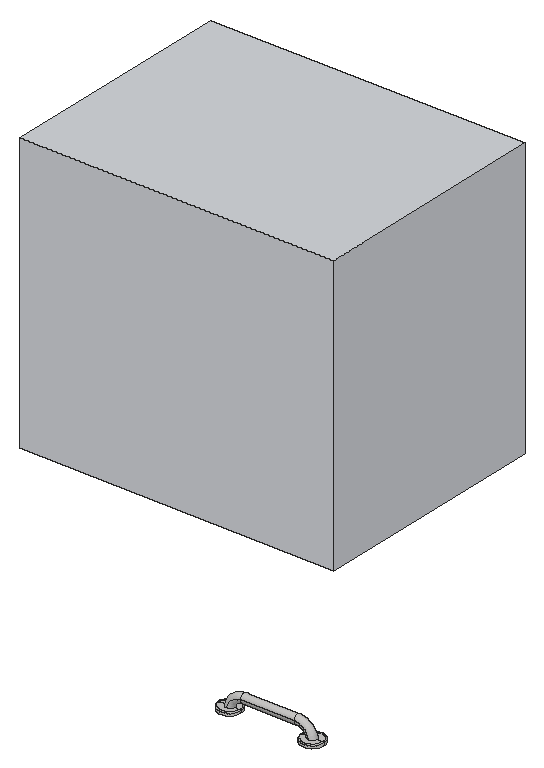
Revit family
Parameters
  Body Material = Metal - Stainless Steel w/Satin
  Warranty Duration (Years) = 0
  URL = "http://www.americanspecialties.com/viewCategories.cfm"
  Grab Bar Length [instance] = 1' - 0"
  Trim Material = Metal - Stainless Steel w/Satin
  Test Data = ""
  Specification = "http://www.arcat.com/sdspecs/htm/10810asi.htm"
  SpecWizard = ""
  Send Message = "http://www.arcat.com/users.pl?action=UserEmail&company=American%20Specialties,%20Inc.&coid=30448&rep=139&fax=914-476-0688&mf="
  Sales Information = "http://www.americanspecialties.com/contact"
  Revision = "R1_10-2010"
  Product Properties = "http://www.americanspecialties.com/datasheets/37001.pdf"
  Product Data = "http://www.arcat.com/arcatcos/cos30/arc30448.html"
  Model = "As Specified in 10 28 13"
  Manufacturer Website = "http://www.americanspecialties.com/viewCategories.cfm"
  Manufacturer Phone - Toll Free = ""
  Manufacturer Phone = "914-476-9000 "
  Manufacturer Fax = "914-476-0688"
  Manufacturer Address = "441 Saw Mill River Rd., Yonkers, NY 10701"
  Manufacturer = "American Specialties, Inc."
  Maintenance Schedule (Months) = 0
  Keynote = "10 28 13"
  Installation-Fabrication = "http://www.americanspecialties.com/products.cfm"
  Green Building-LEED = ""
  Expected Lifespan (Years) = 0
  Drawn By = "Robert S. Weygant. CSI, CDT, SCIP"  # constant formula
  Description = "Toilet Accessory as Specified in 10 28 13"
  Default Elevation = 4' - 0"
  Copyright = "©Arcat Inc."
  Construction Details = "http://www.arcat.com/green/clients/leed_data_30448.html"
  Building Codes = "http://www.americanspecialties.com/products.cfm"
  Assembly Code = "C1030210"
Reference planes (in)
  plane 1 "Center (Front/Back)": y = -0.29112
  plane 2 "Floor Line": z = 0
  plane 3 "Center (Left/Right)": x = -0.65843
  plane 4: x = -6.65843
  plane 5: x = 5.34157
Forms (in)
  Extrusion 1, solid
    sketch origin (-3.65843, -8.79112, -6) x (0, 0, -1) y (1, 0, 0)
      loop
        line (-82, 26) -> (-82, -19.34712) -> (-41.75861, -19.34712) -> (-41.75861, 26) -> (-82, 26)
    from 9 to -25.60721
  Sweep 2, solid, material "Metal - Stainless Steel w/Satin" <- "Body Material"
    path origin (0, -0.29112, 0) x (1, 0, 0) y (0, 0, 1)
      loop
        arc (-6.65843, -0.00027) -> (-6.03596, 1.50252) -> (-4.53316, 2.125) r 2.12527
        line (-4.53316, 2.125) -> (3.2163, 2.125)
        arc (3.2163, 2.125) -> (4.71909, 1.50252) -> (5.34157, -0.00027) r 2.12527
    profile origin (-0.65843, -0.29112, 2.125) x (0, 0, 1) y (0, -1, 0)
      loop
        circle (0, 0) r 0.625
  Revolve 3, solid, material "Metal - Stainless Steel w/Satin" <- "Body Material"
    sketch origin (-1.31687, -0.29112, 0) x (-1, 0, 0) y (0, 0, 1)
      loop
        line (-6.65843, 0.47413) -> (-5.15377, 0.40574)
        arc (-5.15377, 0.40574) -> (-5.09054, 0.37698) -> (-5.06468, 0.31251) r 0.09333
        line (-5.06468, 0.31251) -> (-5.06468, 0) -> (-5.03343, 0) -> (-5.03343, 0.31251)
        arc (-5.03343, 0.31251) -> (-5.06794, 0.39857) -> (-5.15235, 0.43695) r 0.12458
        line (-5.15235, 0.43695) -> (-6.65843, 0.50541) -> (-6.65843, 0.47413)
      axis (-6.65843, 0.50541) -> (-6.65843, 0)
    angle from 0 to 360
  Extrusion 4, solid
    sketch origin (0, 0, 0) x (1, 0, 0) y (0, 1, 0)
      loop
        arc (5.21788, 1.26648) -> (3.9884, 0.49013) -> (3.9308, -0.9628) r 1.5625
        arc (3.9308, -0.9628) -> (3.96026, -1.08861) -> (4.05449, -1.17703) r 0.22325
        arc (4.05449, -1.17703) -> (5.34157, -1.85362) -> (6.62864, -1.17703) r 1.5625
        arc (6.62864, -1.17703) -> (6.72287, -1.08861) -> (6.75233, -0.9628) r 0.22325
        arc (6.75233, -0.9628) -> (6.69473, 0.49013) -> (5.46525, 1.26648) r 1.5625
        arc (5.46525, 1.26648) -> (5.34157, 1.30387) -> (5.21788, 1.26648) r 0.22325
      loop
        circle (6.35704, -0.29112) r 0.1875
      loop
        circle (4.32609, -0.29112) r 0.1875
      loop
        circle (5.34157, -0.29112) r 0.625
    from 0 to 0.125
  Revolve 5, solid, material "Metal - Stainless Steel w/Satin" <- "Body Material"
    sketch origin (0, -0.29112, 0) x (1, 0, 0) y (0, 0, 1)
      loop
        line (-6.65843, 0.47413) -> (-5.15377, 0.40574)
        arc (-5.15377, 0.40574) -> (-5.09054, 0.37698) -> (-5.06468, 0.31251) r 0.09333
        line (-5.06468, 0.31251) -> (-5.06468, 0) -> (-5.03343, 0) -> (-5.03343, 0.31251)
        arc (-5.03343, 0.31251) -> (-5.06794, 0.39857) -> (-5.15235, 0.43695) r 0.12458
        line (-5.15235, 0.43695) -> (-6.65843, 0.50541) -> (-6.65843, 0.47413)
      axis (-6.65843, 0.50541) -> (-6.65843, 0)
    angle from 0 to 360
  Extrusion 6, solid
    sketch origin (-1.31687, 0, 0) x (-1, 0, 0) y (0, -1, 0)
      loop
        arc (5.21788, -1.26648) -> (5.34157, -1.30387) -> (5.46525, -1.26648) r 0.22325
        arc (5.46525, -1.26648) -> (6.69473, -0.49013) -> (6.75233, 0.9628) r 1.5625
        arc (6.75233, 0.9628) -> (6.72287, 1.08861) -> (6.62864, 1.17703) r 0.22325
        arc (6.62864, 1.17703) -> (5.34157, 1.85362) -> (4.05449, 1.17703) r 1.5625
        arc (4.05449, 1.17703) -> (3.96026, 1.08861) -> (3.9308, 0.9628) r 0.22325
        arc (3.9308, 0.9628) -> (3.9884, -0.49013) -> (5.21788, -1.26648) r 1.5625
      loop
        circle (6.35704, 0.29112) r 0.1875
      loop
        circle (4.32609, 0.29112) r 0.1875
      loop
        circle (5.34157, 0.29112) r 0.625
    from 0 to 0.125
Dimensions and locks (in)
  equal spacing: plane 4, plane 3 "Center (Left/Right)", plane 5
  "Grab Bar Length": plane 4 to plane 5
  aligned and locked: Revolve 3 sketch curve to plane 5
Automatic sketch dimensions
  Extrusion 1 sketch curve to Extrusion 1 sketch curve = 3' - 4.24139"
  Extrusion 1 sketch curve to Extrusion 1 sketch curve = 3' - 9.34712"
  Sweep 2 sketch curve to plane 4 = 0' - 0"
  Sweep 2 sketch curve to plane 5 = 0' - 0"
  Sweep 2 sketch curve to level = 0' - 0.00027"  (x2)
  Sweep 2 sketch curve to Sweep 2 sketch curve = 0' - 2.12527"
  Sweep 2 sketch curve to plane 1 "Center (Front/Back)" = 0' - 0"
  Sweep 2 sketch curve to profile plane = 0' - 0"
  Revolve 3 sketch curve to Revolve 3 sketch curve = 0' - 0"  (x2)
  Revolve 3 sketch curve to plane 5 = 0' - 0"
  Revolve 3 sketch curve to level = 0' - 0"
  Revolve 3 sketch curve to level = 0' - 0 5/16"
  plane 5 to Revolve 3 sketch curve = 0' - 1.50042"
  Revolve 3 sketch curve to Revolve 3 sketch curve = 0' - 0.00424"
  Revolve 3 sketch curve to Revolve 3 sketch curve = 0' - 0.00142"
  Revolve 3 sketch curve to Revolve 3 sketch curve = 0' - 0.09333"
  Revolve 3 sketch curve to Revolve 3 sketch curve = 0' - 0 1/32"
  level to Revolve 3 sketch curve = 1' - 0"
  Revolve 3 sketch curve to level = 0' - 0.47413"
  Revolve 3 sketch curve to Revolve 3 sketch curve = 0' - 0.03128"
  Revolve 3 sketch curve to Revolve 3 sketch curve = 7' - 11.49459"
  Extrusion 4 sketch curve to Extrusion 4 sketch curve = 0' - 0"  (x12)
  Extrusion 4 sketch curve to plane 1 "Center (Front/Back)" = 0' - 0"  (x3)
  Extrusion 4 sketch curve to plane 5 = 0' - 0"  (x2)
  Extrusion 4 sketch curve to plane 5 = 0' - 0.12369"
  Extrusion 4 sketch curve to Extrusion 4 sketch curve = 0' - 1.01548"
  Extrusion 4 sketch curve to Extrusion 4 sketch curve = 0' - 0.17249"  (x2)
  Extrusion 4 sketch curve to Extrusion 4 sketch curve = 0' - 0.09911"  (x2)
  Extrusion 4 sketch curve to Extrusion 4 sketch curve = 0' - 0.2228"  (x2)
  plane 5 to Extrusion 4 sketch curve = 0' - 0.12369"
  plane 5 to Extrusion 4 sketch curve = 0' - 1.01548"
  plane 1 "Center (Front/Back)" to Extrusion 4 sketch curve = 0' - 0.67168"
  Extrusion 4 sketch curve to Extrusion 4 sketch curve = 0' - 0.01419"
  Extrusion 4 sketch curve to Extrusion 4 sketch curve = 0' - 0.18585"
  Revolve 5 sketch curve to Revolve 5 sketch curve = 0' - 0"  (x2)
  Revolve 5 sketch curve to plane 4 = 0' - 0"  (x2)
  Revolve 5 sketch curve to level = 0' - 0"
  level to Revolve 5 sketch curve = 0' - 0 5/16"
  plane 4 to Revolve 5 sketch curve = 0' - 1.50042"
  Revolve 5 sketch curve to Revolve 5 sketch curve = 0' - 0.00424"
  Revolve 5 sketch curve to Revolve 5 sketch curve = 0' - 0.00142"
  Revolve 5 sketch curve to Revolve 5 sketch curve = 0' - 0.09333"
  Revolve 5 sketch curve to Revolve 5 sketch curve = 0' - 0 1/32"
  Revolve 5 sketch curve to level = 1' - 0"
  level to Revolve 5 sketch curve = 0' - 0.47413"
  Revolve 5 sketch curve to Revolve 5 sketch curve = 0' - 0.03128"
  Revolve 5 sketch curve to Revolve 5 sketch curve = 7' - 11.49459"
  Extrusion 6 sketch curve to Extrusion 6 sketch curve = 0' - 0"  (x12)
  Extrusion 6 sketch curve to plane 1 "Center (Front/Back)" = 0' - 0"  (x3)
  Extrusion 6 sketch curve to plane 4 = 0' - 0"  (x2)
  Extrusion 6 sketch curve to plane 4 = 0' - 0.12369"
  Extrusion 6 sketch curve to Extrusion 6 sketch curve = 0' - 1.01548"
  Extrusion 6 sketch curve to Extrusion 6 sketch curve = 0' - 0.17249"  (x2)
  Extrusion 6 sketch curve to Extrusion 6 sketch curve = 0' - 0.09911"  (x2)
  Extrusion 6 sketch curve to Extrusion 6 sketch curve = 0' - 0.2228"  (x2)
  plane 4 to Extrusion 6 sketch curve = 0' - 0.12369"
  plane 4 to Extrusion 6 sketch curve = 0' - 1.01548"
  Extrusion 6 sketch curve to plane 1 "Center (Front/Back)" = 0' - 0.67168"
  Extrusion 6 sketch curve to Extrusion 6 sketch curve = 0' - 0.01419"
  Extrusion 6 sketch curve to Extrusion 6 sketch curve = 0' - 0.18585"
  radius of Sweep 2 sketch curve = 0' - 0 5/8"
  radius of Extrusion 4 sketch curve = 0' - 0 3/16"  (x2)
  radius of Extrusion 4 sketch curve = 0' - 0 5/8"
  radius of Extrusion 6 sketch curve = 0' - 0 3/16"  (x2)
  radius of Extrusion 6 sketch curve = 0' - 0 5/8"
